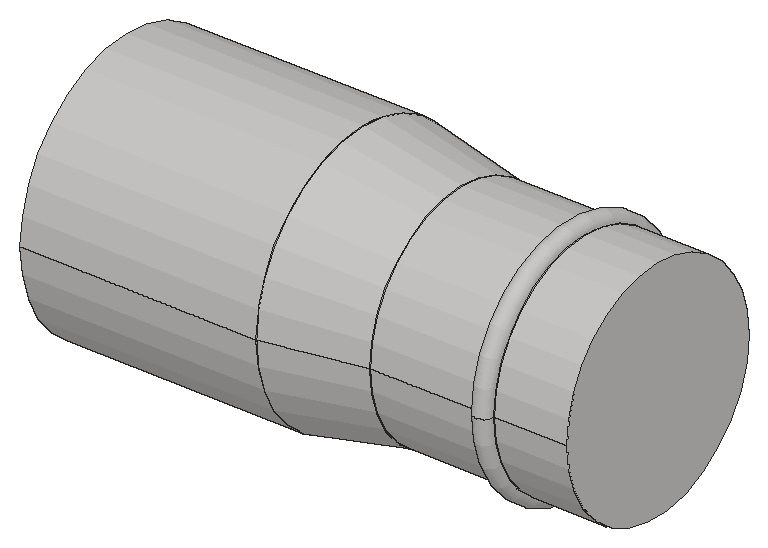
Revit family "FittingReducer-B-Inox-Conex-15-54mm-PS5243", category Pipe Fittings, Revit 2019
Family settings
  Round Connector Dimension = Use Diameter
  Part Type = Transition
  OmniClass Number = 23.60.30.11.14
  OmniClass Title = Pipework Fittings
  Work Plane-Based = No
  Always vertical = Yes
  Cut with Voids When Loaded = No
  Shared = No
Parameters (values of type "Standard")
  Z [instance] = if(NominalDiameter_1 > NominalDiameter_2, size_lookup(Lookup Table Name, "Z", L * 0.7, NominalDiameter_1, NominalDiameter_2), size_lookup(Lookup Table Name, "Z", L * 0.7, NominalDiameter_2, NominalDiameter_1))  # 70 mm
  Weight_KG/Ea [instance] = if(NominalDiameter_1 > NominalDiameter_2, size_lookup(Lookup Table Name, "WT", 0, NominalDiameter_1, NominalDiameter_2), size_lookup(Lookup Table Name, "WT", 0, NominalDiameter_2, NominalDiameter_1))  # 0.218
  Uniformat IIElements = "TBC"
  URL = "http://www.conexbanninger.com/search.php?brands_id=34"
  Type Comments = "TBC"
  SerialNumber [instance] = ""
  RingThickness [instance] = if(NominalDiameter_2 < 40 mm, 2.5 mm, 4 mm)  # 4 mm
  RingCenter [instance] = L1 * 0.35  # 16.8 mm
  RingAlignment_Right [instance] = FittingOutsideDiameter_2 / 2  # 23.1 mm
  RingAlignment_Left [instance] = FittingOutsideDiameter_1 / 2  # 27 mm
  RightSideSealRingDiameter [instance] = NominalDiameter_2 * 1.2  # 50.4 mm
  LeftSideSealRingDiameter [instance] = NominalDiameter_1 * 1.2  # 64.8 mm
  RightSocketLength [instance] = if(NominalDiameter_1 < NominalDiameter_2, L1, L - (Z - 2 mm))  # 40 mm
  RightSocketDepth [instance] = if(NominalDiameter_1 < NominalDiameter_2, 0 mm, L - Z)  # 38 mm
  ProductCode [instance] = if(and(NominalDiameter_1 = 18 mm, NominalDiameter_2 = 15 mm), "PS 5243 0181500", if(and(NominalDiameter_1 = 15 mm, NominalDiameter_2 = 18 mm), "PS 5243 0181500", if(and(NominalDiameter_1 = 22 mm, NominalDiameter_2 = 15 mm), "PS 5243 0221500", if(and(NominalDiameter_1 = 15 mm, NominalDiameter_2 = 22 mm), "PS 5243 0221500", if(and(NominalDiameter_1 = 22 mm, NominalDiameter_2 = 18 mm), "PS 5243 0221800", if(and(NominalDiameter_1 = 18 mm, NominalDiameter_2 = 22 mm), "PS 5243 0221800", if(and(NominalDiameter_1 = 28 mm, NominalDiameter_2 = 15 mm), "PS 5243 0281500", if(and(NominalDiameter_1 = 15 mm, NominalDiameter_2 = 28 mm), "PS 5243 0281500", if(and(NominalDiameter_1 = 28 mm, NominalDiameter_2 = 18 mm), "PS 5243 0281800", if(and(NominalDiameter_1 = 18 mm, NominalDiameter_2 = 28 mm), "PS 5243 0281800", if(and(NominalDiameter_1 = 28 mm, NominalDiameter_2 = 22 mm), "PS 5243 0282200", if(and(NominalDiameter_1 = 22 mm, NominalDiameter_2 = 28 mm), "PS 5243 0282200", if(and(NominalDiameter_1 = 35 mm, NominalDiameter_2 = 18 mm), "PS 5243 0351800", if(and(NominalDiameter_1 = 18 mm, NominalDiameter_2 = 35 mm), "PS 5243 0351800", if(and(NominalDiameter_1 = 35 mm, NominalDiameter_2 = 22 mm), "PS 5243 0352200", if(and(NominalDiameter_1 = 22 mm, NominalDiameter_2 = 35 mm), "PS 5243 0352200", if(and(NominalDiameter_1 = 35 mm, NominalDiameter_2 = 28 mm), "PS 5243 0352800", if(and(NominalDiameter_1 = 28 mm, NominalDiameter_2 = 35 mm), "PS 5243 0352800", if(and(NominalDiameter_1 = 42 mm, NominalDiameter_2 = 28 mm), "PS 5243 0422800", if(and(NominalDiameter_1 = 28 mm, NominalDiameter_2 = 42 mm), "PS 5243 0422800", if(and(NominalDiameter_1 = 42 mm, NominalDiameter_2 = 35 mm), "PS 5243 0423500", if(and(NominalDiameter_1 = 35 mm, NominalDiameter_2 = 42 mm), "PS 5243 0423500", if(and(NominalDiameter_1 = 54 mm, NominalDiameter_2 = 28 mm), "PS 5243 0542800", if(and(NominalDiameter_1 = 28 mm, NominalDiameter_2 = 54 mm), "PS 5243 0542800", if(and(NominalDiameter_1 = 54 mm, NominalDiameter_2 = 35 mm), "PS 5243 0543500", if(and(NominalDiameter_1 = 35 mm, NominalDiameter_2 = 54 mm), "PS 5243 0543500", if(and(NominalDiameter_1 = 54 mm, NominalDiameter_2 = 42 mm), "PS 5243 0544200", if(and(NominalDiameter_1 = 42 mm, NominalDiameter_2 = 54 mm), "PS 5243 0544200", "ProductCode NA"))))))))))))))))))))))))))))  # "PS 5243 0544200"
  Option_1 [instance] = not(Option_2)  # yes
  Option_2 [instance] = NominalDiameter_2 > NominalDiameter_1  # no
  OmniclassProducts = "TBC"
  NATSPECWorkSection = "TBC"
  Model Version = "2015"
  Model Status [instance] = ""
  Model Specification = "BMA"
  Mark [instance] = ""
  Loss Method = Not Defined
  LeftSocketLength [instance] = if(NominalDiameter_1 > NominalDiameter_2, L1, L - (Z - 2 mm))  # 48 mm
  LeftSocketDepth [instance] = if(NominalDiameter_1 > NominalDiameter_2, 0 mm, L - Z)  # 0 mm
  L [instance] = if(NominalDiameter_1 > NominalDiameter_2, size_lookup(Lookup Table Name, "L", NominalDiameter_1 * 2.5, NominalDiameter_1, NominalDiameter_2), size_lookup(Lookup Table Name, "L", NominalDiameter_1 * 2.5, NominalDiameter_2, NominalDiameter_1))  # 108 mm
  built-in parameter 1114211 [instance] = 27 mm
  built-in parameter 1114212 [instance] = 27 mm
  NominalDiameter_2 [instance] = 42 mm
  NominalDiameter_1 [instance] = 54 mm
  ModifiedIssue_ANZRS = 20161230.54  # constant formula
  Model = "Fitting Reducer"  # constant formula
  Material = Stainless Steel AISI 317
  Manufacturer = "Conex | Bänninger"  # constant formula
  Lookup Table Name [instance] = "FittingReducer-B-Inox-Conex-15-54mm-PS5243"
  K Coefficient Table = "Reducer/Coupling/Union/Increaser"
  built-in parameter 1114238 [instance] = not(0 mm < size_lookup(Lookup Table Name, "L", 0 mm, NominalDiameter_1, NominalDiameter_2))  # (empty or 0)
  FittingOutsideDiameter_2 [instance] = if(NominalDiameter_1 > NominalDiameter_2, NominalDiameter_2 * 1.1, NominalDiameter_2 * 1)  # 46.2 mm
  FittingOutsideDiameter_1 [instance] = if(NominalDiameter_1 > NominalDiameter_2, NominalDiameter_1, NominalDiameter_1 * 1.1)  # 54 mm
  FinalHHWFlow [instance] = 0.0 L/s
  L1 [instance] = if(NominalDiameter_1 > NominalDiameter_2, size_lookup(Lookup Table Name, "L1", NominalDiameter_1, NominalDiameter_1, NominalDiameter_2), size_lookup(Lookup Table Name, "L1", NominalDiameter_1, NominalDiameter_2, NominalDiameter_1))  # 48 mm
  Description = ">B< Press Inox is a quick and simple to install flame-free fitting, manufactured using high quality hygienic stainless steel materials, suitable for multiple applications."  # constant formula
  CustomFitting [instance] = not(0 mm < size_lookup(Lookup Table Name, "L", 0 mm, NominalDiameter_1, NominalDiameter_2))  # no
  CreatedByURL_ANZRS = "http://www.bimmepaus.com.au/"
  CreatedBy = "A2K Technologies"  # constant formula
  Assembly Code = "D2090800"
Reference planes
  plane 1 "Center (Front/Back)": y = 0
  plane 2: z = 0
  plane 3 "Center (Left/Right)": x = 0
  plane 4 "LEL": x = 48
  plane 5 "Z_R": x = 70
  plane 6: x = 108
  plane 7 "r2": z = 0
  plane 8: y = 27
  plane 9: y = -27
  plane 10: y = 0
  plane 11: z = -27
  plane 12: z = 27
  plane 13 "T_R": x = 68
  plane 14 "LSRL": x = 16.8
  plane 15 "RSRL": x = 91.2
  plane 16 "Left Socket Depth": x = 0
  plane 17 "Right Socket Depth": x = 70
Forms (mm)
  Extrusion 1, solid, material "Stainless Steel AISI 317" <- "Material", detail levels fine
    sketch origin (0, 0, 5) x (0, 1, 0) y (0, 0, 1)
      loop
        circle (0, -5) r 27
    from 0 to 48
  Extrusion 2, solid, material "Stainless Steel AISI 317" <- "Material", detail levels fine
    sketch origin (0, -1.25, -1) x (0, 1, 0) y (0, 0, 1)
      loop
        circle (1.25, 1) r 23.1
    from 68 to 108
  Blend 3, solid, material "Stainless Steel AISI 317" <- "Material", detail levels fine
    base sketch origin (68, -1.25, -1) x (0, -1, 0) y (0, 0, 1)
      loop
        circle (-1.25, 1) r 27
    top sketch origin (68, -1.25, -1) x (0, -1, 0) y (0, 0, 1)
      loop
        circle (-1.25, 1) r 23.1
    from 20 to 0
  Revolve 4, solid, material "Stainless Steel AISI 317" <- "Material", visible <- "Option_1", detail levels fine
    sketch origin (-545.213, -1524, 0) x (-1, 0, 0) y (0, -1, 0)
      loop
        line (-634.413, -1524) -> (-638.413, -1524) -> (-638.413, -1547.1)
        arc (-638.413, -1547.1) -> (-636.413, -1549.1) -> (-634.413, -1547.1) r 2
        line (-634.413, -1547.1) -> (-634.413, -1524)
      axis (-634.413, -1524) -> (-638.413, -1524)
    angle from 0 to 360
  Revolve 5, solid, material "Stainless Steel AISI 317" <- "Material", visible <- "Option_2", detail levels fine
    sketch origin (0, 0, 0) x (1, 0, 0) y (0, 1, 0)
      loop
        line (14.8, 0) -> (18.8, 0) -> (18.8, 27)
        arc (18.8, 27) -> (16.8, 29) -> (14.8, 27) r 2
        line (14.8, 27) -> (14.8, 0)
      axis (14.8, 0) -> (18.8, 0)
    angle from 0 to 360
Lines and regions (mm)
  model lines, visible <- "Option_1", detail levels coarse+medium
    curve 1: line (0, 27, 0) -> (0, -27, 0)
    curve 2: line (0, 27, 0) -> (70, 0, 0)
    curve 3: line (0, -27, 0) -> (70, 0, 0)
  model lines, visible <- "Option_2", detail levels coarse+medium
    curve 4: line (70, -27, 0) -> (70, 27, 0)
    curve 5: line (70, 27, 0) -> (0, 0, 0)
    curve 6: line (70, -27, 0) -> (0, 0, 0)
Dimensions and locks
  "L": plane 3 "Center (Left/Right)" to plane 6
  equal spacing: plane 8, plane 1 "Center (Front/Back)", plane 9
  "NominalDiameter_1": plane 8 to plane 9
  "built-in parameter 1114211": plane 10 to plane 9
  "built-in parameter 1114212": plane 7 "r2" to plane 11
  equal spacing: plane 12, level, plane 11
  "NominalDiameter_1": plane 12 to plane 11
  locked: plane 13 "T_R" to plane 5 "Z_R" at 2
  "LeftSocketLength": plane 3 "Center (Left/Right)" to plane 4 "LEL"
  "RingCenter": plane 3 "Center (Left/Right)" to plane 14 "LSRL"
  "RingCenter": plane 15 "RSRL" to plane 6
  equal spacing: curve 4, plane 10, curve 4
  "NominalDiameter_1": curve 4 to curve 4
  "RightSocketDepth": plane 17 "Right Socket Depth" to plane 6
  "LeftSocketDepth": plane 3 "Center (Left/Right)" to plane 16 "Left Socket Depth"
  locked: connector elem to plane 1 "Center (Front/Back)" at 0
  locked: connector elem to level at 0
  locked: connector elem to plane 10 at 0
  locked: connector elem to plane 7 "r2"
  "NominalDiameter_1": curve 2 to curve 3
  equal spacing: curve 3, plane 1 "Center (Front/Back)", curve 2
  "RightSocketLength": plane 13 "T_R" to plane 6
  equal spacing: Revolve 4 sketch curve, plane 15 "RSRL", Revolve 4 sketch curve
  "RingAlignment_Right": Revolve 4 sketch curve to plane 10
  "RingThickness": Revolve 4 sketch curve to Revolve 4 sketch curve
  equal spacing: Revolve 5 sketch curve, plane 14 "LSRL", Revolve 5 sketch curve
  "RingThickness": Revolve 5 sketch curve to Revolve 5 sketch curve
  "RingAlignment_Left": Revolve 5 sketch curve to plane 1 "Center (Front/Back)"
  "FittingOutsideDiameter_2": diameter of Extrusion 2 sketch curve
  "FittingOutsideDiameter_1": diameter of Extrusion 1 sketch curve
  "RingThickness": diameter of Revolve 4 sketch curve
  "RingThickness": diameter of Revolve 5 sketch curve
  aligned and locked: Extrusion 1 to plane 3 "Center (Left/Right)"
  aligned and locked: plane 4 "LEL" to Extrusion 1
  aligned and locked: plane 6 to Extrusion 2
  aligned and locked: plane 1 "Center (Front/Back)" to Extrusion 1 sketch curve
  aligned and locked: plane 7 "r2" to Extrusion 2 sketch curve
  aligned and locked: plane 10 to Extrusion 2 sketch curve
  aligned and locked: level to Extrusion 1 sketch curve
  aligned and locked: Extrusion 2 to plane 13 "T_R"
  aligned and locked: Blend 3 sketch curve to Extrusion 1  (x2)
  aligned and locked: Blend 3 sketch curve to Extrusion 2  (x2)
  aligned and locked: plane 4 "LEL" to Blend 3
  aligned and locked: Blend 3 to Extrusion 2
  aligned and locked: plane 17 "Right Socket Depth" to curve 4
  aligned and locked: plane 17 "Right Socket Depth" to curve 3
  aligned and locked: plane 10 to curve 2
  aligned and locked: curve 1 to plane 16 "Left Socket Depth"
  aligned and locked: plane 16 "Left Socket Depth" to curve 5
  aligned and locked: plane 1 "Center (Front/Back)" to curve 5
  aligned and locked: Revolve 4 sketch curve to plane 10  (x2)
  aligned and locked: plane 1 "Center (Front/Back)" to Revolve 5 sketch curve  (x2)
Automatic sketch dimensions
  Revolve 4 sketch curve to plane 13 "T_R" = 6.274 mm
  Revolve 4 sketch curve to Revolve 4 sketch curve = 12.726 mm
  Revolve 5 sketch curve to plane 3 "Center (Left/Right)" = 35 mm
  Revolve 5 sketch curve to Revolve 5 sketch curve = 20 mm
Connectors
  piping at (0, 0, 0), diameter 54, driven by "NominalDiameter_1"
    settings: on plane 16 "Left Socket Depth", index 1, connector inside diameter 609.6 mm, connector length 0 mm, flow factor 0, pipe flow 0.0 L/s, pressure drop 0.0 Pa, fitting loss kfactor 0, connector angle 0.00°, fixture units 0, engagement length 0 mm, angle of deflection 0.00°, flow configuration 0, flow direction 0, fitting loss method 0, system type 28, joint type 0, gender type 0, connector reference index 2, connector utility 0, adjustable connector no, is connector primary yes, connector description ""
  piping at (70, 0, 0), diameter 42, driven by "NominalDiameter_2"
    settings: on plane 17 "Right Socket Depth", index 2, connector inside diameter 609.6 mm, connector length 0 mm, flow factor 0, pipe flow 0.0 L/s, pressure drop 0.0 Pa, fitting loss kfactor 0, connector angle 0.00°, fixture units 0, engagement length 0 mm, angle of deflection 0.00°, flow configuration 0, flow direction 0, fitting loss method 0, system type 28, joint type 0, gender type 0, connector reference index 1, connector utility 0, adjustable connector no, is connector primary no, connector description ""
